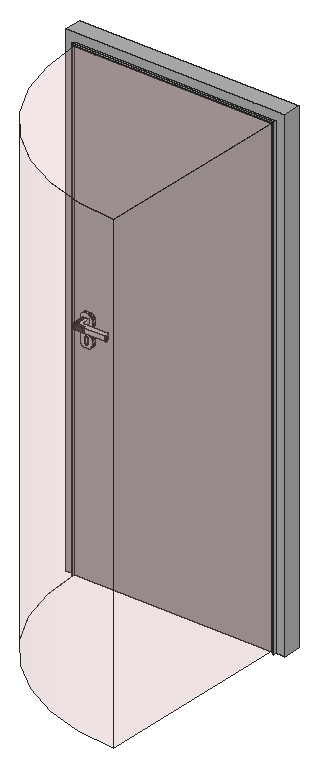
Revit family "ASSA ABLOY - ALPE PLUS SLIM, single-leaf, hidden frame, HIDDEN HINGES", category Doors, host Wall, Revit 2021 (continued)
Definition of nested family "Handle set_H100"
  Automatic sketch dimensions
    Sweep 8 sketch curve to plane 3 "Center (Left/Right)" = 0.000 mm
    Sweep 8 sketch curve to level = 10.000 mm
    level to Sweep 8 sketch curve = 10.000 mm
    Sweep 4 sketch curve to Sweep 4 sketch curve = 53.020 mm
    Sweep 4 sketch curve to Sweep 4 sketch curve = 1.393 mm
    Sweep 8 sketch curve to Sweep 8 sketch curve = 0.000 mm  (x6)
    plane 1 "Center (Front/Back)" to Sweep 8 sketch curve = 63.985 mm
    profile plane to Sweep 8 sketch curve = 11.286 mm
    Sweep 8 sketch curve to Sweep 8 sketch curve = 0.245 mm
    Sweep 8 sketch curve to Sweep 8 sketch curve = 7.203 mm
    Sweep 8 sketch curve to profile plane = 10.862 mm
    Sweep 8 sketch curve to Sweep 8 sketch curve = 1.121 mm
    Sweep 8 sketch curve to Sweep 8 sketch curve = 1.426 mm
    Sweep 8 sketch curve to profile plane = 9.002 mm
    Sweep 8 sketch curve to Sweep 8 sketch curve = 1.051 mm
    Sweep 8 sketch curve to Sweep 8 sketch curve = 9.473 mm
    profile plane to Sweep 8 sketch curve = 33.293 mm
    Sweep 8 sketch curve to Sweep 8 sketch curve = 0.212 mm
    Sweep 8 sketch curve to Sweep 8 sketch curve = 0.800 mm  (x2)
    Sweep 8 sketch curve to Sweep 8 sketch curve = 0.763 mm
    Sweep 8 sketch curve to Sweep 8 sketch curve = 1.209 mm
    plane 1 "Center (Front/Back)" to Sweep 8 sketch curve = 13.300 mm
    Sweep 8 sketch curve to Sweep 8 sketch curve = 0.013 mm
    Sweep 8 sketch curve to Sweep 8 sketch curve = 0.218 mm
    Sweep 8 sketch curve to Sweep 8 sketch curve = 0.647 mm
    Sweep 8 sketch curve to Sweep 8 sketch curve = 0.770 mm
    Sweep 8 sketch curve to profile plane = 14.563 mm
    Sweep 8 sketch curve to Sweep 8 sketch curve = 0.801 mm
    Sweep 8 sketch curve to profile plane = 11.389 mm
    Sweep 8 sketch curve to Sweep 8 sketch curve = 0.605 mm
    plane 9 to Extrusion 9 sketch curve = 9.385 mm
    Extrusion 9 sketch curve to plane 3 "Center (Left/Right)" = 34.856 mm
    Extrusion 9 sketch curve to plane 9 = 1.415 mm
    plane 3 "Center (Left/Right)" to Extrusion 9 sketch curve = 8.237 mm
    Extrusion 9 sketch curve to plane 3 "Center (Left/Right)" = 11.286 mm
    Extrusion 9 sketch curve to Extrusion 9 sketch curve = 1.417 mm
    plane 9 to Extrusion 9 sketch curve = 0.385 mm
    Extrusion 9 sketch curve to Extrusion 9 sketch curve = 1.736 mm
    plane 9 to Extrusion 9 sketch curve = 2.112 mm
    plane 9 to Extrusion 9 sketch curve = 9.070 mm
    Extrusion 9 sketch curve to plane 9 = 1.012 mm
    Extrusion 9 sketch curve to Extrusion 9 sketch curve = 1.237 mm
    Extrusion 9 sketch curve to Extrusion 9 sketch curve = 0.640 mm
    Extrusion 9 sketch curve to Extrusion 9 sketch curve = 1.191 mm
    Extrusion 9 sketch curve to plane 6 = 0.000 mm
    plane 3 "Center (Left/Right)" to Extrusion 9 sketch curve = 15.364 mm
    plane 3 "Center (Left/Right)" to Extrusion 9 sketch curve = 2.414 mm
    plane 3 "Center (Left/Right)" to Extrusion 9 sketch curve = 4.554 mm
Definition of nested family "Detail_Door symbol"
  Parameters (values of type "Detail_Door symbol")
    Symbol Radius = 882.500 mm
    Rough Width = 998.000 mm
    Door Leaf Width = 882.000 mm
  Reference planes
    plane 1 "Center (Front/Back)": y = 0
    plane 2: z = 0
    plane 3 "Center (Left/Right)": x = 0
    plane 4: x = -499
    plane 5: x = 499
    plane 6: y = -11
    plane 7: x = 442.5
    plane 8: x = 444
    plane 9: x = 382
    plane 10: y = -11.5
    plane 11: y = -893.5
    plane 12: y = -889.5
    plane 13: y = -879.5
    plane 14: y = -25.5
    plane 15: y = -15.5
    plane 16: x = 402.75
    plane 17: x = 423.25
    plane 18: y = -828.5
  Lines and regions (mm)
    Filled region 1, type "Solid Fill - White", in view "Ref. Level", detail levels medium
      outline origin (-88.5, 43.059, 0) x (0, 1, 0) y (-1, 0, 0)
        loop
          line (-54.559, -532.5) -> (-54.559, -470.5) -> (-936.559, -470.5) -> (-936.559, -532.5) -> (-54.559, -532.5)
    Filled region 2, type "Solid Fill - White", in view "Ref. Level", detail levels fine
      outline origin (-88.5, 43.059, 0) x (0, 1, 0) y (-1, 0, 0)
        loop
          line (-54.559, -532.5) -> (-54.559, -511.75) -> (-68.559, -511.75) -> (-68.559, -491.25) -> (-54.559, -491.25) -> (-54.559, -470.5) -> (-936.559, -470.5) -> (-936.559, -491.25) -> (-922.559, -491.25) -> (-922.559, -511.75) -> (-936.559, -511.75) -> (-936.559, -532.5) -> (-54.559, -532.5)
    Filled region 3, type "Solid Fill - White", in view "Ref. Level", detail levels fine
      outline origin (-88.5, 43.059, 0) x (0, 1, 0) y (-1, 0, 0)
        loop
          line (-932.559, -491.25) -> (-932.559, -511.75) -> (-922.559, -511.75) -> (-922.559, -491.25) -> (-932.559, -491.25)
        loop
          line (-58.559, -491.25) -> (-68.559, -491.25) -> (-68.559, -511.75) -> (-58.559, -511.75) -> (-58.559, -491.25)
    detail lines, in view "Ref. Level"
      curve 1: arc (442.5, -893.5, 0) -> (-181.522, -635.022, 0) -> (-440, -11, 0) r 882.5
    detail lines, in view "Ref. Level", detail levels coarse
      curve 2: line (442.5, -893.5, 0) -> (442.5, -11, 0)
    detail lines, in view "Ref. Level", detail levels fine
      curve 3: line (382, -801.018, 0) -> (371.554, -801.2, 0)
      curve 4: line (369.574, -815.953, 0) -> (340.949, -815.953, 0)
      curve 5: line (371.554, -801.2, 0) -> (369.574, -803.18, 0)
      curve 6: line (369.574, -803.18, 0) -> (369.574, -815.953, 0)
      curve 7: line (340.949, -815.953, 0) -> (338.09, -815.844, 0)
      curve 8: line (338.09, -815.844, 0) -> (335.34, -815.067, 0)
      curve 9: line (335.34, -815.067, 0) -> (334.621, -814.629, 0)
      curve 10: line (334.621, -814.629, 0) -> (333.979, -814.084, 0)
      curve 11: line (333.979, -814.084, 0) -> (332.972, -812.677, 0)
      curve 12: line (332.972, -812.677, 0) -> (332.403, -811.042, 0)
      curve 13: line (332.403, -811.042, 0) -> (332.147, -809.086, 0)
      curve 14: line (332.147, -809.086, 0) -> (332.11, -807.114, 0)
      curve 15: line (332.11, -807.114, 0) -> (332.11, -707.383, 0)
      curve 16: arc (325.306, -698.258, 0) -> (330.129, -701.732, 0) -> (331.974, -707.383, 0) r 9.578
      curve 17: line (325.306, -698.258, 0) -> (310.745, -691.957, 0)
      curve 18: arc (310.745, -691.957, 0) -> (309.813, -692.029, 0) -> (309.348, -692.839, 0) r 1
      curve 19: line (309.348, -692.839, 0) -> (309.092, -700.198, 0)
      curve 20: line (309.092, -700.198, 0) -> (309.092, -837.437, 0)
      curve 21: line (369.574, -843.061, 0) -> (318.815, -840.915, 0)
      curve 22: line (309.092, -837.437, 0) -> (310.537, -839.421, 0)
      curve 23: arc (310.537, -839.421, 0) -> (314.599, -840.595, 0) -> (318.815, -840.915, 0) r 20.608
      curve 24: line (369.574, -843.061, 0) -> (369.574, -853.874, 0)
      curve 25: line (369.574, -853.874, 0) -> (371.533, -855.833, 0)
      curve 26: line (371.533, -855.833, 0) -> (382, -855.833, 0)
      curve 27: line (444, -801.018, 0) -> (454.446, -801.2, 0)
      curve 28: line (456.426, -815.953, 0) -> (485.051, -815.953, 0)
      curve 29: line (454.446, -801.2, 0) -> (456.426, -803.18, 0)
      curve 30: line (456.426, -803.18, 0) -> (456.426, -815.953, 0)
      curve 31: line (485.051, -815.953, 0) -> (487.91, -815.844, 0)
      curve 32: line (487.91, -815.844, 0) -> (490.66, -815.067, 0)
      curve 33: line (490.66, -815.067, 0) -> (491.379, -814.629, 0)
      curve 34: line (491.379, -814.629, 0) -> (492.021, -814.084, 0)
      curve 35: line (492.021, -814.084, 0) -> (493.028, -812.677, 0)
      curve 36: line (493.028, -812.677, 0) -> (493.597, -811.042, 0)
      curve 37: line (493.597, -811.042, 0) -> (493.853, -809.086, 0)
      curve 38: line (493.853, -809.086, 0) -> (493.89, -807.114, 0)
      curve 39: line (493.89, -807.114, 0) -> (493.89, -707.383, 0)
      curve 40: arc (500.694, -698.258, 0) -> (495.871, -701.732, 0) -> (494.026, -707.383, 0) r 9.578
      curve 41: line (500.694, -698.258, 0) -> (515.255, -691.957, 0)
      curve 42: arc (515.255, -691.957, 0) -> (516.187, -692.029, 0) -> (516.652, -692.839, 0) r 1
      curve 43: line (516.652, -692.839, 0) -> (516.908, -700.198, 0)
      curve 44: line (516.908, -700.198, 0) -> (516.908, -837.437, 0)
      curve 45: line (456.426, -843.061, 0) -> (507.185, -840.915, 0)
      curve 46: line (516.908, -837.437, 0) -> (515.463, -839.421, 0)
      curve 47: arc (515.463, -839.421, 0) -> (511.401, -840.595, 0) -> (507.185, -840.915, 0) r 20.608
      curve 48: line (456.426, -843.061, 0) -> (456.426, -853.874, 0)
      curve 49: line (456.426, -853.874, 0) -> (454.467, -855.833, 0)
      curve 50: line (454.467, -855.833, 0) -> (444, -855.833, 0)
  Dimensions and locks
    equal spacing: plane 4, plane 3 "Center (Left/Right)", plane 5
    "Rough Width": plane 4 to plane 5
    locked: plane 6 to plane 1 "Center (Front/Back)" at 11
    locked: plane 10 to plane 1 "Center (Front/Back)" at 11.5
    "Door Leaf Width": plane 10 to plane 11
    locked: plane 7 to plane 5 at 56.5
    locked: plane 8 to plane 5 at 55
    locked: plane 9 to plane 8 at 62
    locked: plane 10 to plane 14 at 14
    locked: plane 15 to plane 14 at 10
    locked: plane 13 to plane 11 at 14
    locked: plane 13 to plane 12 at 10
    locked: plane 9 to plane 16 at 20.75
    locked: plane 17 to plane 8 at 20.75
    locked: plane 18 to plane 11 at 65
    "Symbol Radius": radius of curve 1
    aligned and locked: plane 6 to curve 1
    aligned and locked: plane 10 to Filled region 1 sketch curve
    aligned and locked: Filled region 1 sketch curve to plane 8
    aligned and locked: Filled region 1 sketch curve to plane 9
    aligned and locked: Filled region 1 sketch curve to plane 11
    aligned and locked: plane 6 to curve 2
    aligned and locked: curve 2 to plane 7
    aligned and locked: Filled region 2 sketch curve to plane 14
    aligned and locked: Filled region 2 sketch curve to plane 16
    aligned and locked: Filled region 2 sketch curve to plane 17
    aligned and locked: plane 16 to Filled region 2 sketch curve
    aligned and locked: Filled region 2 sketch curve to plane 13
    aligned and locked: plane 17 to Filled region 2 sketch curve
    aligned and locked: plane 16 to Filled region 3 sketch curve
    aligned and locked: Filled region 3 sketch curve to plane 13
    aligned and locked: plane 17 to Filled region 3 sketch curve
    aligned and locked: Filled region 3 sketch curve to plane 12
    aligned and locked: Filled region 3 sketch curve to plane 15
    aligned and locked: Filled region 3 sketch curve to plane 14
    aligned and locked: Filled region 3 sketch curve to plane 16
    aligned and locked: Filled region 3 sketch curve to plane 17
  Automatic sketch dimensions
    Filled region 2 sketch curve to plane 8 = 0.000 mm
    plane 11 to Filled region 2 sketch curve = 0.000 mm
    Filled region 2 sketch curve to plane 11 = 0.000 mm
    Filled region 2 sketch curve to plane 10 = 0.000 mm  (x2)
    Filled region 2 sketch curve to plane 9 = 0.000 mm
    curve 26 to plane 9 = 0.000 mm
    curve 3 to plane 9 = 0.000 mm
    curve 1 to plane 7 = 0.000 mm
    curve 27 to plane 8 = 0.000 mm
    curve 50 to plane 8 = 0.000 mm
    curve 19 to plane 9 = 72.908 mm
    curve 19 to curve 19 = 0.257 mm
    curve 19 to curve 18 = 0.999 mm
    curve 22 to plane 18 = 10.921 mm
    curve 20 to curve 22 = 1.445 mm
    curve 18 to curve 17 = 0.397 mm
    plane 18 to curve 23 = 8.186 mm
    curve 20 to curve 23 = 9.167 mm
    curve 21 to plane 18 = 12.415 mm
    curve 19 to curve 16 = 13.304 mm
    curve 16 to curve 17 = 2.910 mm
    curve 23 to curve 15 = 13.851 mm
    plane 18 to curve 14 = 19.414 mm
    curve 14 to curve 14 = 0.037 mm
    plane 18 to curve 13 = 17.458 mm
    curve 13 to curve 13 = 0.256 mm
    plane 18 to curve 11 = 15.823 mm
    curve 12 to curve 11 = 0.569 mm
    plane 18 to curve 10 = 14.416 mm
    curve 11 to curve 10 = 1.006 mm
    plane 18 to curve 9 = 13.871 mm
    curve 10 to curve 9 = 0.642 mm
    plane 18 to curve 8 = 13.433 mm
    curve 9 to curve 8 = 0.720 mm
    plane 18 to curve 8 = 12.656 mm
    curve 8 to curve 8 = 2.750 mm
    curve 7 to curve 4 = 2.859 mm
    curve 5 to plane 9 = 12.426 mm
    curve 24 to plane 9 = 12.426 mm
    curve 24 to curve 25 = 1.959 mm
    curve 5 to curve 3 = 1.980 mm  (x2)
    plane 8 to curve 29 = 10.446 mm
    plane 8 to curve 49 = 10.467 mm
    curve 27 to curve 29 = 1.980 mm
    curve 49 to curve 48 = 1.959 mm
    curve 28 to plane 5 = 13.949 mm
    curve 28 to curve 31 = 2.859 mm
    curve 31 to curve 33 = 2.750 mm
    curve 32 to curve 33 = 0.720 mm
    curve 33 to curve 34 = 0.642 mm
    curve 34 to curve 35 = 1.006 mm
    curve 35 to curve 37 = 0.569 mm
    curve 36 to curve 37 = 0.256 mm
    curve 37 to curve 39 = 0.037 mm
    plane 5 to curve 41 = 1.694 mm
    plane 5 to curve 40 = 4.605 mm
    plane 5 to curve 45 = 8.185 mm
    plane 5 to curve 47 = 8.741 mm
    curve 41 to curve 41 = 14.561 mm
    curve 46 to plane 18 = 10.921 mm
    curve 47 to curve 46 = 8.278 mm
    curve 41 to curve 42 = 0.397 mm
    curve 42 to curve 43 = 0.999 mm
    curve 43 to curve 43 = 0.257 mm
    plane 13 to curve 50 = 23.667 mm
    plane 13 to curve 25 = 23.667 mm
    curve 49 to curve 49 = 1.959 mm
    curve 25 to curve 24 = 1.959 mm
    curve 48 to curve 48 = 10.814 mm
    curve 24 to curve 24 = 10.814 mm
    curve 45 to curve 46 = 1.494 mm
    curve 23 to curve 22 = 1.983 mm
    curve 46 to curve 44 = 1.983 mm
    plane 18 to curve 4 = 12.547 mm
    plane 18 to curve 28 = 12.547 mm
    curve 28 to curve 32 = 0.109 mm
    curve 31 to curve 32 = 0.777 mm
    curve 32 to curve 33 = 0.438 mm
    curve 33 to curve 35 = 0.545 mm
    curve 34 to curve 35 = 1.407 mm
    curve 35 to curve 36 = 1.636 mm
    curve 36 to curve 38 = 1.956 mm
    curve 13 to curve 15 = 1.972 mm
    curve 37 to curve 39 = 1.972 mm
    curve 28 to curve 29 = 12.772 mm
    curve 4 to curve 5 = 12.772 mm
    curve 29 to curve 27 = 1.980 mm
    curve 14 to curve 16 = 99.731 mm
    curve 38 to curve 40 = 99.731 mm
    curve 16 to curve 20 = 7.185 mm
    curve 40 to curve 44 = 7.185 mm
    curve 40 to curve 41 = 9.125 mm
    curve 16 to curve 17 = 9.125 mm
    curve 43 to curve 42 = 7.323 mm
    curve 19 to curve 18 = 7.323 mm
    curve 18 to curve 19 = 0.035 mm
    curve 42 to curve 43 = 0.035 mm
    curve 3 to curve 3 = 0.182 mm
    curve 27 to curve 27 = 0.182 mm
    curve 39 to curve 40 = 0.000 mm
    curve 16 to curve 15 = 0.000 mm
Types (5, lengths in mm): name | Symbol Radius | Rough Width Real | Rough Height Real | Width Round | Rough Width | Rough Height | Height Round | Height | Width | Door Leaf Width
  520 x 1640 (522 x 1648) | 602.500 | 718.000 | 1722.000 | 520.000 | 720.000 | 1730.000 | 1640.000 | 1640.000 | 520.000 | 602.000
  800 x 2100 (802 x 2108) | 882.500 | 998.000 | 2182.000 | 800.000 | 1000.000 | 2190.000 | 2100.000 | 2100.000 | 800.000 | 882.000
  900 x 2100 (902 x 2108) | 982.500 | 1098.000 | 2182.000 | 900.000 | 1100.000 | 2190.000 | 2100.000 | 2100.000 | 900.000 | 982.000
  1000 x 2100 (1002 x 2108) | 1082.500 | 1198.000 | 2182.000 | 1000.000 | 1200.000 | 2190.000 | 2100.000 | 2100.000 | 1000.000 | 1082.000
  1160 x 2400 (1162 x 2408) | 1242.500 | 1358.000 | 2482.000 | 1160.000 | 1360.000 | 2490.000 | 2400.000 | 2400.000 | 1160.000 | 1242.000
